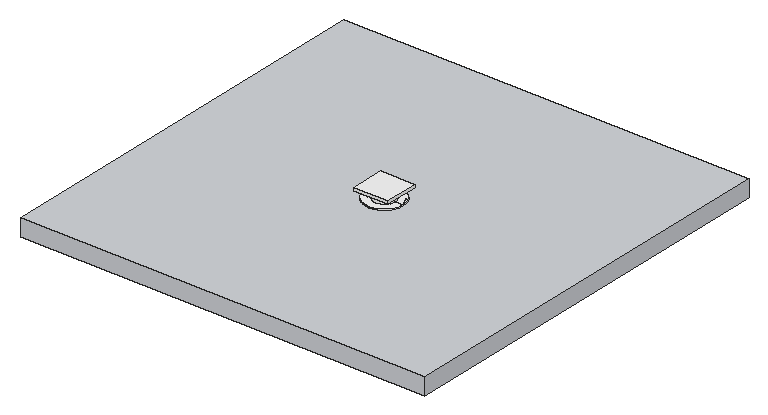
Revit family
Parameters (values of type "2"")
  WFU = 0
  URL = "WWW.MIFAB.COM"
  Top Assembly Adjustment [instance] = 2.625"
  Roof Drain Material = Paint - Sherwin Williams Paint - #952C2A - Bellwood Red
  Pipe Radius = 1.000"
  Pipe Diameter = Pipe Radius * 2  # 2.000"
  Model = "R1100-P"
  Manufacturer = "MIFAB"
  Description = "PROMENADE DECK DRAIN"
  Default Elevation = 0.000"
  Body Height = 3.375"
Types (6): name | Pipe Radius | Pipe Diameter | Body Height
  (no name) | 1.000" | 2.000" | 3.375"
  2" | 1.000" | 2.000" | 3.375"
  3" | 1.500" | 3.000" | 3.375"
  4" | 2.000" | 4.000" | 3.375"
  5" | 2.500" | 5.000" | 4.750"
  6" | 3.000" | 6.000" | 4.750"
Reference planes (in)
  plane 1 "Center (Front/Back)": y = 0
  plane 2: z = 0
  plane 3 "Center (Left/Right)": x = 0
  plane 4: x = 1.2
  plane 5: x = 3.375
  plane 6: x = 3.65625
  plane 7: x = 4
  plane 8: x = 4.5
  plane 9: x = 1
  plane 10: z = -3.375
  plane 11: z = -2.20588
  plane 12: z = -1.69598
  plane 13: z = -0.2
  plane 14: z = 0.2085
  plane 15: z = -1
  plane 16: x = -0.25
  plane 17: x = 0.25
  plane 18: y = 4
  plane 19: y = -4
  plane 20: x = -4
  plane 21: x = 4
  plane 22: z = 2.625
  plane 23: z = 1.925
  plane 24: x = 2.303
  plane 25: z = -0.5
Forms (in)
  Extrusion 1, solid
    sketch origin (0, 0, 0) x (1, 0, 0) y (0, 1, 0)
      loop
        line (-48, 48) -> (-48, -48) -> (48, -48) -> (48, 48) -> (-48, 48)
    from 0 to -4
  Revolve 2, solid, material "Paint - Sherwin Williams Paint - #952C2A - Bellwood Red" <- "Roof Drain Material"
    sketch origin (0, 0, 0) x (1, 0, 0) y (0, 0, 1)
      loop
        line (1.2, -3.375) -> (1.2, -2.20588) -> (3.375, -1.69598) -> (3.375, -1) -> (3.65625, -1) -> (3.65625, -0.2) -> (4, -0.2) -> (4, 0) -> (4.5, 0) -> (4.5, 0.2085) -> (2.303, 0.2085) -> (2.303, 0) -> (3.175, 0) -> (3.175, -1.58184) -> (1, -2.09174) -> (1, -3.375) -> (1.2, -3.375)
      axis (0, 0.2085) -> (0, -3.375)
    angle from 0 to 360
  Extrusion 3, solid, material "Paint - Sherwin Williams Paint - #952C2A - Bellwood Red" <- "Roof Drain Material"
    sketch origin (0, 0, 0) x (1, 0, 0) y (0, 1, 0)
      loop
        line (-4, 4) -> (-4, -4) -> (4, -4) -> (4, 4) -> (-4, 4)
    from 2.625 to 1.925
  Revolve 4, solid, material "Paint - Sherwin Williams Paint - #952C2A - Bellwood Red" <- "Roof Drain Material"
    sketch origin (0, 0, 0) x (1, 0, 0) y (0, 0, 1)
      loop
        line (3.0964, 1.925) -> (2.303, 1.1316) -> (2.303, -0.5) -> (2.5, -0.5) -> (2.5, 1.05) -> (3.375, 1.925) -> (3.0964, 1.925)
      axis (0, -0.5) -> (0, 1.925)
    angle from 0 to 360
Cuts and joins
  joined: Revolve 2, Revolve 4
Lines and regions (in)
  symbolic lines
    curve 1: line (-4, 4, 0) -> (4, 4, 0)
    curve 2: line (-4, -4, 0) -> (-4, 4, 0)
    curve 3: line (4, -4, 0) -> (-4, -4, 0)
    curve 4: line (4, 4, 0) -> (4, -4, 0)
    curve 5: circle (0, 0, 0) r 4.5 normal (0, 0, 1)
  symbolic lines, style "PlumbingFixturesHiddenLines"
    curve 6: circle (0, 0, 0) r 3.375 normal (0, 0, 1)
    curve 7: circle (0, 0, 0) r 3.0964 normal (0, 0, 1)
    curve 8: circle (0, 0, 0) r 1.2 normal (0, 0, 1)
Dimensions and locks (in)
  "Pipe Radius": plane 9 to plane 3 "Center (Left/Right)"
  locked: plane 4 to plane 9 at 0.2
  plane 7 to plane 3 "Center (Left/Right)" = 4.000"
  plane 5 to plane 3 "Center (Left/Right)" = 3.375"
  plane 6 to plane 3 "Center (Left/Right)" = 3.65625"
  plane 8 to plane 3 "Center (Left/Right)" = 4.500"
  "Body Height": level to plane 10
  level to plane 13 = 0.200"
  level to plane 15 = 1.000"
  Extrusion 1 to plane 12 = 1.69598"
  level to plane 11 = 2.20588"
  equal spacing: plane 18, plane 1 "Center (Front/Back)", plane 19
  plane 18 to plane 19 = 8.000"
  equal spacing: plane 20, plane 3 "Center (Left/Right)", plane 21
  plane 20 to plane 21 = 8.000"
  "Top Assembly Adjustment": plane 22 to level
  locked: plane 22 to plane 23 at 0.7
  plane 24 to Revolve 4 sketch curve = 0.197"
  locked: Revolve 4 sketch curve to Revolve 4 sketch curve at 0.197
  locked: level to plane 25 at 0.5
  locked: plane 24 to plane 3 "Center (Left/Right)" at 2.303
  aligned and locked: plane 2 to Extrusion 1
  aligned and locked: level to Extrusion 1
  aligned and locked: Revolve 2 sketch curve to plane 10
  aligned and locked: Revolve 2 sketch curve to plane 4
  aligned and locked: Revolve 2 sketch curve to plane 5
  aligned and locked: Revolve 2 sketch curve to plane 6
  aligned and locked: Revolve 2 sketch curve to plane 13
  aligned and locked: Revolve 2 sketch curve to plane 7
  aligned and locked: Extrusion 1 to Revolve 2 sketch curve
  aligned and locked: Revolve 2 sketch curve to plane 8
  aligned and locked: Revolve 2 sketch curve to plane 14
  aligned and locked: Revolve 2 sketch curve to plane 3 "Center (Left/Right)"
  aligned and locked: plane 15 to Revolve 2 sketch curve
  aligned and locked: plane 9 to Revolve 2 sketch curve
  aligned and locked: Extrusion 3 sketch curve to plane 18
  aligned and locked: Extrusion 3 sketch curve to plane 20
  aligned and locked: Extrusion 3 sketch curve to plane 19
  aligned and locked: Extrusion 3 sketch curve to plane 7
  aligned and locked: Extrusion 3 to plane 22
  aligned and locked: Extrusion 3 to plane 23
  aligned and locked: plane 3 "Center (Left/Right)" to Revolve 4 sketch curve
  aligned and locked: Revolve 4 sketch curve to plane 23
  aligned and locked: Revolve 2 sketch curve to plane 24
  aligned and locked: Revolve 4 sketch curve to plane 24
  aligned and locked: Revolve 4 to plane 25
  aligned and locked: curve 1 to Extrusion 3
  aligned and locked: curve 2 to Extrusion 3
  aligned and locked: curve 3 to Extrusion 3
  aligned and locked: curve 4 to Extrusion 3
Automatic sketch dimensions
  Extrusion 1 sketch curve to Extrusion 1 sketch curve = 96.000"  (x2)
  Revolve 4 sketch curve to plane 5 = 0.000"
  Revolve 4 sketch curve to Revolve 4 sketch curve = 0.0816"
  plane 13 to Revolve 4 sketch curve = 0.300"
  plane 22 to Revolve 4 sketch curve = 3.500"
  Revolve 4 sketch curve to Revolve 4 sketch curve = 1.750"
  Revolve 2 sketch curve to level = 0.000"
  Revolve 2 sketch curve to plane 11 = 0.000"
  Revolve 2 sketch curve to plane 12 = 0.000"
  Revolve 2 sketch curve to plane 5 = 0.200"
  plane 10 to Revolve 2 sketch curve = 5.000"
  Revolve 2 sketch curve to Revolve 2 sketch curve = 11.000"
  Revolve 2 sketch curve to plane 11 = 0.11414"
  Revolve 2 sketch curve to plane 12 = 0.11414"
  curve 5 to curve 6 = 0.000"  (x2)
  curve 5 to curve 7 = 0.000"  (x2)
  curve 5 to curve 8 = 0.000"  (x2)
  curve 6 to curve 7 = 0.000"  (x2)
  curve 6 to curve 8 = 0.000"  (x2)
  curve 7 to curve 8 = 0.000"  (x2)
  plane 1 "Center (Front/Back)" to curve 6 = 0.000"
  curve 6 to plane 3 "Center (Left/Right)" = 0.000"
  radius of curve 5 = 4.500"
  radius of curve 6 = 3.375"
  radius of curve 7 = 3.0964"
  radius of curve 8 = 1.200"
Connectors (in)
  piping at (0, 0, -3.375), driven by "Pipe Radius", driven by "WFU"
    settings: on Revolve 2, index 1, connector radius 1", flow factor 0, pipe flow 0 GPM, pressure drop 0.00 psi, fitting loss kfactor 0, connector angle 0.00°, fixture units 0, flow configuration 3, flow direction 2, fitting loss method 0, system type 16, connector reference index -1, connector utility 0, adjustable connector no, is connector primary yes, fitting loss table "", connector description "Sanitary Out"
